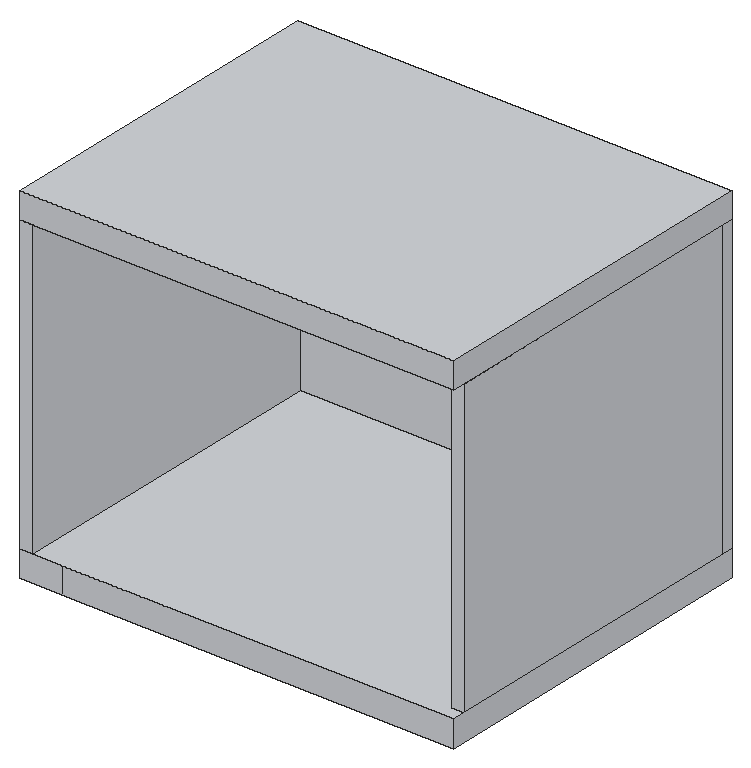
Revit family "TPP_FAMILY_BOXBASE2", category Generic Models, Revit 2016
Family settings
  Part Type = Normal
  Can host rebar = No
  Round Connector Dimension = Use Diameter
  Work Plane-Based = No
  Always vertical = Yes
  Cut with Voids When Loaded = No
  Shared = No
  Room Calculation Point = No
Parameters
  Spessore = 15 cm
  Sessoreinf = 7.5862 cm
  Larghezza porta [instance] = 100 cm
  Bordo = 30 cm
  Profondità = 400 cm
  Larghezza [instance] = 500 cm
  Altezzasolaio = 30 cm
  Altezza = 400 cm
Reference planes (cm)
  plane 1 "Center (Front/Back)": y = 0
  plane 2: z = 0
  plane 3 "Center (Left/Right)": x = 0
  plane 4: z = 30
  plane 5: x = 58.5713
  plane 6: y = -63.0524
  plane 7: x = 558.5713
  plane 8: y = 336.9476
  plane 9: x = 73.5713
  plane 10: x = 543.5713
  plane 11: y = 321.9476
  plane 12: y = -48.0524
  plane 13: z = 30
  plane 14: z = 400
  plane 15: z = 370
  plane 16: y = 51.9476
  plane 17: x = 88.5713
  plane 18: z = 340
  plane 19: x = 528.5713
  plane 20: z = 60
  plane 21: y = -55.4662
Forms (cm)
  Extrusion 1, solid
    sketch origin (0, 0, 0) x (1, 0, 0) y (0, 1, 0)
      loop
        line (58.5713, 336.9476) -> (58.5713, -63.0524) -> (107.1158, -63.0524) -> (558.5713, -63.0524) -> (558.5713, 336.9476) -> (58.5713, 336.9476)
    from 0 to 30
  Extrusion 2, solid
    sketch origin (0, 0, 0) x (1, 0, 0) y (0, 0, 1)
      loop
        line (558.5713, 400) -> (58.5713, 400) -> (58.5713, 370) -> (558.5713, 370) -> (558.5713, 400)
    from -336.9476 to 63.0524
  Extrusion 3, solid
    sketch origin (0, 0, 0) x (1, 0, 0) y (0, 1, 0)
      loop
        line (58.5713, 321.9476) -> (58.5713, -63.0524) -> (73.5713, -63.0524) -> (73.5713, 321.9476) -> (58.5713, 321.9476)
    from 30 to 370
  Extrusion 4, solid
    sketch origin (0, 0, 0) x (1, 0, 0) y (0, 1, 0)
      loop
        line (58.5713, 336.9476) -> (58.5713, 321.9476) -> (558.5713, 321.9476) -> (558.5713, 336.9476) -> (58.5713, 336.9476)
    from 30 to 370
  Extrusion 5, solid
    sketch origin (0, 928.8951, 0) x (1, 0, 0) y (0, 1, 0)
      loop
        line (543.5713, -976.9476) -> (558.5713, -976.9476) -> (558.5713, -606.9476) -> (543.5713, -606.9476) -> (543.5713, -976.9476)
    from 30 to 370
Dimensions and locks (cm)
  "Bordo": level to plane 4
  "Spessore": plane 8 to plane 11
  "Spessore": plane 10 to plane 7
  "Spessore": plane 6 to plane 12
  "Spessore": plane 5 to plane 9
  "Larghezza": plane 5 to plane 7
  "Profondità": plane 8 to plane 6
  "Altezzasolaio": plane 13 to level
  "Altezza": plane 14 to level
  "Altezzasolaio": plane 14 to plane 15
  "Larghezza porta": plane 12 to plane 16
  "Bordo": plane 5 to plane 17
  "Bordo": plane 15 to plane 18
  "Bordo": plane 19 to plane 7
  "Bordo": plane 20 to plane 13
  "Sessoreinf": plane 21 to plane 6
  aligned and locked: level to plane 2
  aligned and locked: Extrusion 1 to plane 8
  aligned and locked: plane 7 to Extrusion 1
  aligned and locked: Extrusion 1 to plane 6
  aligned and locked: Extrusion 1 to plane 5
  aligned and locked: plane 13 to Extrusion 1
  aligned and locked: plane 14 to Extrusion 2
  aligned and locked: Extrusion 2 to plane 6
  aligned and locked: plane 8 to Extrusion 2
  aligned and locked: Extrusion 3 to plane 5
  aligned and locked: plane 9 to Extrusion 3
  aligned and locked: plane 15 to Extrusion 3
  aligned and locked: Extrusion 3 to plane 13
  aligned and locked: plane 8 to Extrusion 4
  aligned and locked: Extrusion 4 to plane 11
  aligned and locked: Extrusion 4 to plane 5
  aligned and locked: plane 7 to Extrusion 4
  aligned and locked: plane 15 to Extrusion 4
  aligned and locked: Extrusion 4 to plane 13
  aligned and locked: Extrusion 2 to plane 15
  aligned and locked: plane 11 to Extrusion 3
  aligned and locked: Extrusion 3 to plane 6
  aligned and locked: plane 12 to Extrusion 5
  aligned and locked: plane 7 to Extrusion 5
  aligned and locked: Extrusion 5 to plane 10
  aligned and locked: plane 11 to Extrusion 5
Automatic sketch dimensions
  Extrusion 1 sketch curve to plane 5 = 0 cm
  Extrusion 1 sketch curve to plane 6 = 0 cm
  Extrusion 1 sketch curve to plane 7 = 0 cm
  Extrusion 1 sketch curve to plane 8 = 0 cm
  Extrusion 1 sketch curve to plane 17 = 18.5445 cm
  Extrusion 2 sketch curve to plane 5 = 0 cm
  Extrusion 2 sketch curve to plane 7 = 0 cm
  Extrusion 2 sketch curve to plane 15 = 0 cm
  Extrusion 2 sketch curve to plane 14 = 0 cm
  Extrusion 3 sketch curve to plane 5 = 0 cm
  Extrusion 3 sketch curve to plane 6 = 0 cm
  Extrusion 3 sketch curve to plane 9 = 0 cm
  Extrusion 3 sketch curve to plane 11 = 0 cm
  Extrusion 4 sketch curve to plane 5 = 0 cm
  Extrusion 4 sketch curve to plane 7 = 0 cm
  Extrusion 4 sketch curve to plane 11 = 0 cm
  plane 8 to Extrusion 4 sketch curve = 0 cm
  Extrusion 5 sketch curve to plane 5 = 485 cm
  Extrusion 5 sketch curve to plane 9 = 485 cm
  plane 11 to Extrusion 5 sketch curve = 370 cm
  plane 8 to Extrusion 5 sketch curve = 15 cm
